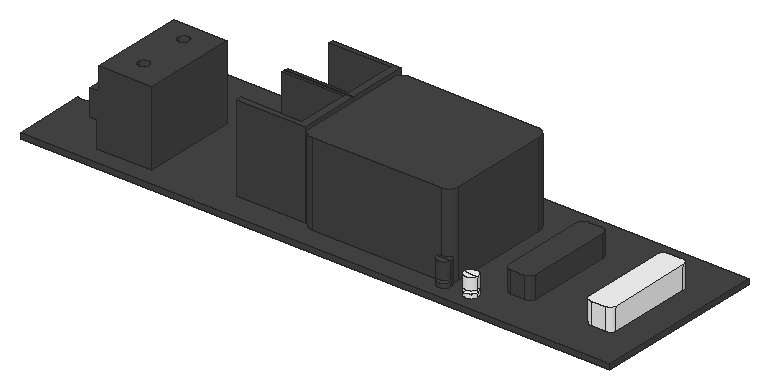
Revit family "CXR", category Communication Devices, host Face, Revit 2021
Family settings
  Host = Face
  Maintain Annotation Orientation = No
  Round Connector Dimension = Use Diameter
  Part Type = Normal
  OmniClass Number = 23.85.80.11.27
  OmniClass Title = Lighting Controls
  Cut with Voids When Loaded = No
  Shared = Yes
  Room Calculation Point = No
Parameters
  Warranty = "5-Years Warranty"  # constant formula
  Type Comments = "NX Panel Relay"  # constant formula
  URL = "https://www.currentlighting.com/nxlightingcontrols"
  Product Page URL = ""
  Product Documentation URL = ""
  Operating environment = "Location: interior space\r\nOperating temperature: 0°- 50°C (32° - 112°F)\r\nRelative humidity (non-condensing): 10%-90%"
  Model = "CX Relays"  # constant formula
  Manufacturer = " NX Lighting Controls"  # constant formula
  Inrush Withstand = "CXR2N 120/277VAC (50/60Hz)\r\n• CXR3L 120/277/347VAC (50/60Hz)\r\n• CXR3LEM 120/277/347VAC (50/60Hz)\r\n• CXRTN 208/240/480VAC (50/60Hz)\r\n• CXRTC 208/240/480VAC (50/60Hz)\r\n• CX04/CX08; 24VDC, 150mA (max. 300mA)\r\n• CX16/CX24; 24VDC, 150mA (max. 900mA)\r\n• 500A @ 2ms (CXR3LEM only)"  # constant formula
  Features = "Relays are mounted to individual relay cards\r\n• Four types of relays - 20A/1P, N/O and 20A/2P, N/O, N/C (14K SCCR) and\r\n30A 1P latching (18K SCCR)\r\n• Smart Relay card self-identifies type automatically to panel\r\n• Each relay includes 1 programmable input for low voltage switches,\r\nphotocells or motion sensors\r\n• Relay cards include a manual override control button and LED\r\nstatus indication"  # constant formula
  Certification = "This product qualifies as “designated country\r\nconstruction material” per FAR 52.225-11 Buy\r\nAmerican-Construction Materials under Trade\r\nAgreements effective 5/27/2020."  # constant formula
  Blue Element = Metal-Aluminum Anodized Blue
  Black Element = Metal-Nickel
  Description = "CX Relay"  # constant formula
  Default Elevation = 48.00"
  Copyright = "Copyright ©  NX Lighting Controls"  # constant formula
  Contact Us = ""
  Housing Material = Paint - Matte White
  Assembly Code = "D5090"
Reference planes (in)
  plane 1 "Center (Front/Back)": y = 11.68155
  plane 2: z = 0
  plane 3 "Center (Left/Right)": x = 0
  plane 4: z = 1.38
  plane 5: y = 12.49155
  plane 6: y = 10.87155
  plane 7: x = -2.75
  plane 8: x = 2.75
Forms (in)
  Extrusion 1, solid, material "Metal-Nickel" <- "Black Element"
    sketch origin (0, 0, 0) x (1, 0, 0) y (0, 1, 0)
      loop
        line (-2.75, 12.49155) -> (-2.75, 11.79636)
        arc (-2.75, 11.79636) -> (-2.57828, 11.67136) -> (-2.75, 11.54636) r 0.13135
        line (-2.75, 11.54636) -> (-2.75, 10.87155) -> (2.75, 10.87155) -> (2.75, 12.49155) -> (-2.75, 12.49155)
    from 0.05 to 0
  Extrusion 2, solid, material "Metal-Nickel" <- "Black Element"
    sketch origin (0, 11.68155, 0) x (1, 0, 0) y (0, 0, 1)
      loop
        line (-2.16344, 0.05) -> (-1.65009, 0.05) -> (-1.65009, 0.74723) -> (-2.14545, 0.74723) -> (-2.14545, 0.53769) -> (-2.23417, 0.53769) -> (-2.23417, 0.28769) -> (-2.16344, 0.28769) -> (-2.16344, 0.05)
    from 0.64805 to -0.22759
  Extrusion 3, solid, material "Metal-Nickel" <- "Black Element"
    sketch origin (0.40625, 0, 0) x (1, 0, 0) y (0, 1, 0)
      loop
        arc (-0.59668, 12.21648) -> (-0.66533, 12.18804) -> (-0.69376, 12.11939) r 0.09708
        line (-0.69376, 12.11939) -> (-0.69376, 11.17858)
        arc (-0.69376, 11.17858) -> (-0.66209, 11.10212) -> (-0.58562, 11.07044) r 0.10814
        line (-0.58562, 11.07044) -> (0.61667, 11.07044)
        arc (0.61667, 11.07044) -> (0.67989, 11.09663) -> (0.70607, 11.15985) r 0.08941
        line (0.70607, 11.15985) -> (0.70607, 12.09256)
        arc (0.70607, 12.09256) -> (0.66978, 12.18018) -> (0.58216, 12.21648) r 0.12391
        line (0.58216, 12.21648) -> (-0.59668, 12.21648)
    from 0.82379 to 0
  Extrusion 4, solid, material "Metal-Nickel" <- "Black Element"
    sketch origin (0, 0, 0) x (1, 0, 0) y (0, 1, 0)
      loop
        arc (1.54249, 12.14003) -> (1.49673, 12.12107) -> (1.47778, 12.07531) r 0.06472
        line (1.47778, 12.07531) -> (1.47778, 11.29784)
        arc (1.47778, 11.29784) -> (1.4967, 11.25216) -> (1.54238, 11.23324) r 0.06461
        line (1.54238, 11.23324) -> (1.67263, 11.23324)
        arc (1.67263, 11.23324) -> (1.71162, 11.24939) -> (1.72778, 11.28838) r 0.05514
        line (1.72778, 11.28838) -> (1.72778, 12.06964)
        arc (1.72778, 12.06964) -> (1.70716, 12.11941) -> (1.65739, 12.14003) r 0.07039
        line (1.65739, 12.14003) -> (1.54249, 12.14003)
    from 0.25 to 0
  Extrusion 5, solid, material "Paint - Matte White" <- "Housing Material"
    sketch origin (0.75, 0, 0) x (1, 0, 0) y (0, 1, 0)
      loop
        arc (1.54249, 12.14003) -> (1.49673, 12.12107) -> (1.47778, 12.07531) r 0.06472
        line (1.47778, 12.07531) -> (1.47778, 11.29784)
        arc (1.47778, 11.29784) -> (1.4967, 11.25216) -> (1.54238, 11.23324) r 0.06461
        line (1.54238, 11.23324) -> (1.67263, 11.23324)
        arc (1.67263, 11.23324) -> (1.71162, 11.24939) -> (1.72778, 11.28838) r 0.05514
        line (1.72778, 11.28838) -> (1.72778, 12.06964)
        arc (1.72778, 12.06964) -> (1.70716, 12.11941) -> (1.65739, 12.14003) r 0.07039
        line (1.65739, 12.14003) -> (1.54249, 12.14003)
    from 0.25 to 0
  Revolve 6, solid, material "Metal-Nickel" <- "Black Element"
    sketch origin (0, 11.04803, -0.03828) x (1, 0, 0) y (0, 0, 1)
      loop
        line (1.06807, 0.08828) -> (1.13142, 0.08828) -> (1.13142, 0.1223)
        arc (1.13142, 0.1223) -> (1.11836, 0.13871) -> (1.13142, 0.15512) r 0.01683
        line (1.13142, 0.15512) -> (1.13142, 0.30199) -> (1.06807, 0.30199) -> (1.06807, 0.08828)
      axis (1.06807, 0.30199) -> (1.06807, 0.08828)
    angle from 0 to 360
  Revolve 7, solid, material "Paint - Matte White" <- "Housing Material"
    sketch origin (0.25, 11.04803, -0.03828) x (1, 0, 0) y (0, 0, 1)
      loop
        line (1.06807, 0.08828) -> (1.13142, 0.08828) -> (1.13142, 0.1223)
        arc (1.13142, 0.1223) -> (1.11836, 0.13871) -> (1.13142, 0.15512) r 0.01683
        line (1.13142, 0.15512) -> (1.13142, 0.25723) -> (1.06807, 0.25723) -> (1.06807, 0.08828)
      axis (1.06807, 0.25723) -> (1.06807, 0.08828)
    angle from 0 to 360
  Extrusion 8, void
    sketch origin (0, 0, 0) x (1, 0, 0) y (0, 1, 0)
      loop
        circle (-1.90974, 11.72619) r 0.05245
      loop
        circle (-1.90974, 11.26489) r 0.05245
      loop
        circle (-0.936, 12.00879) r 0.05245
      loop
        circle (-0.936, 11.54749) r 0.05245
    from 0.74723 to 0.53769
  Extrusion 9, solid, material "Metal-Nickel" <- "Black Element"
    sketch origin (0, 0, 0) x (1, 0, 0) y (0, 1, 0)
      loop
        line (-0.28751, 12.2388) -> (-0.92944, 12.2388) -> (-0.92944, 12.19718) -> (-0.35307, 12.19718) -> (-0.35307, 11.7128) -> (-0.92944, 11.7128) -> (-0.92944, 11.68024) -> (-0.28751, 11.68024) -> (-0.28751, 12.2388)
    from 0.85599 to 0
  Extrusion 10, solid, material "Metal-Nickel" <- "Black Element"
    sketch origin (0, 23.36311, 0) x (1, 0, 0) y (0, 1, 0)
      loop
        line (-0.28751, -12.2388) -> (-0.28751, -11.68024) -> (-0.92944, -11.68024) -> (-0.92944, -11.7128) -> (-0.35307, -11.7128) -> (-0.35307, -12.19718) -> (-0.92944, -12.19718) -> (-0.92944, -12.2388) -> (-0.28751, -12.2388)
    from 0.85599 to 0
  Extrusion 11, solid, material "Metal-Nickel" <- "Black Element"
    sketch origin (0, 0, 0) x (1, 0, 0) y (0, 1, 0)
      loop
        line (-0.92944, 12.19718) -> (-0.92944, 11.16593) -> (-0.35307, 11.16593) -> (-0.35307, 12.19718) -> (-0.92944, 12.19718)
    from 0.25 to 0
Cuts and joins
  Extrusion 8 cuts Extrusion 1
  Extrusion 8 cuts Extrusion 2
Dimensions and locks (in)
  plane 4 to plane 2 = 1.38"
  aligned and locked: plane 2 to host face
  aligned and locked: level to host face
  aligned and locked: Extrusion 2 to Extrusion 1
Connectors (in)
  electrical at (-0.91667, 11.67816, 0)
    settings: on cut or joined group of Extrusion 1, Extrusion 8, index 1, voltage 0 V, apparent load 0 VA, apparent load phase1 0 VA, apparent load phase2 0 VA, apparent load phase3 0 VA, power factor 1, load classification "Other", number of poles 1, system type 30, power factor state 1, is connector primary yes, connector utility no, sub classification motor no, connector description ""
